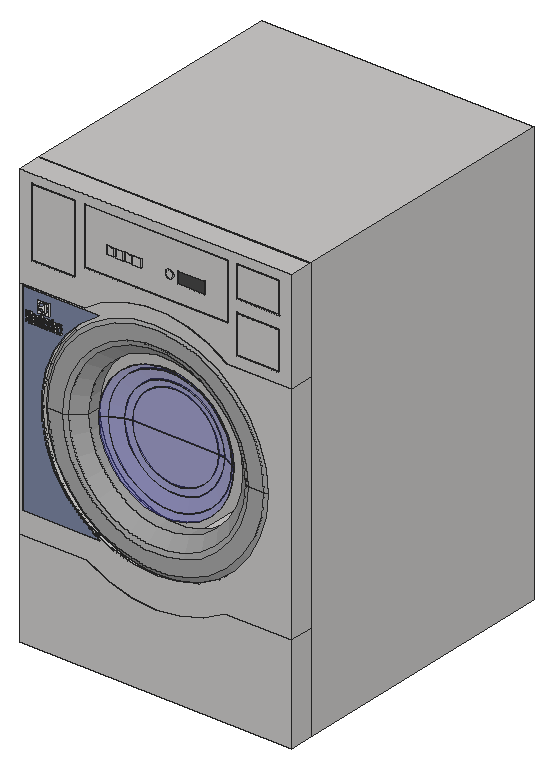
Revit family "QF_ELECTROLUXPROFESSIONAL_1LSNA4_TE1220G_G", category Attrezzature speciali, Revit 2021
Family settings
  Quota connettore circolare = Usa diametro
  Tipo di parte = Normale
  Basato su piano di lavoro = No
  Sempre verticale = Sì
  Taglio con vuoti quando caricato = No
  Condiviso = No
  Punto di calcolo locali = No
Parameters (values of type "988690056")
  Width = 686 mm
  Weight = 78
  Watts = 11000 W
  Volts = 240 V
  URL = "www.electroluxprofessional.com"
  Steam Pounds per Hour = 0
  Sensible Heat Output = "0.0"
  Prospetto di default = 0 mm
  Produttore = "Electrolux Professional"
  Phase = 1
  Modello = "TE1220G"
  Length Actual = 686 mm
  Latent Heat Output = "0.0"
  Item Number = "1L0H4K"
  Height Actual = 1098 mm
  Height = 850 mm
  Gas KW = 6
  Descrizione = "myPRO XL SMART PROFESSIONAL TUMBLE DRYER TE1220G GAS 5,7KW VENTED 208-240/60/1 1,1KW SYMBOLS SST/DARK BLUE"
  Depth Actual = 822 mm
  Depth = 822 mm
  Cycle = 60 Hz
  Corrente [instance] = "53.0"
Reference planes
  plane 1 "Center (Front/Back)": y = 0
  plane 2: z = 0
  plane 3 "Center (Left/Right)": x = 0
  plane 4 "LEFT": x = -343
  plane 5 "RIGHT": x = 343
  plane 6 "BACK": y = 411
  plane 7 "FRONT": y = -411
  plane 8 "voidPanel": through (0, -279.09, 846.678) normal (0, -0.9308, 0.3656)
  plane 9 "TOP": z = 1098
  plane 10: y = -966
  plane 11 "GasX": x = 260.5
  plane 12 "GASz": z = 52.3
Forms (mm)
  Extrusion 1, solid, material "QF_Finishes_Stainless Steel"
    sketch origin (0, 0, 0) x (1, 0, 0) y (0, 1, 0)
      loop
        line (-343, 354) -> (-343, -351.316) -> (343, -351.316) -> (343, 354) -> (-343, 354)
    from 25 to 1098
  Extrusion 2, void
    sketch origin (0, -411, 110) x (0, 0, 1) y (-1, 0, 0)
      loop
        circle (470, 0) r 242.757
    from 0 to -726.106
  Revolve 3, solid, material "QF_Finishes_Gray"
    sketch origin (0, 0, 580) x (-1, 0, 0) y (0, -1, 0)
      loop
        line (300.448, 346.297) -> (300.448, 393.936) -> (272.916, 411) -> (235.246, 411) -> (223.534, 406.93) -> (195.25, 378.646) -> (195.25, 346.297) -> (300.448, 346.297)
      axis (0, 346.297) -> (0, 411)
    angle from 0 to 360
  Revolve 4, solid, material "Glass"
    sketch origin (0, 0, 580) x (-1, 0, 0) y (0, -1, 0)
      loop
        line (156.034, 365.621) -> (125.785, 351.316)
        arc (125.785, 351.316) -> (117.42, 348.976) -> (108.77, 348.187) r 47.824
        line (108.77, 348.187) -> (0, 348.187) -> (0, 346.187) -> (108.77, 346.187)
        arc (108.77, 346.187) -> (117.82, 347.016) -> (126.57, 349.475) r 49.824
        line (126.57, 349.475) -> (156.889, 363.813)
        arc (156.889, 363.813) -> (164.396, 368.582) -> (170.5, 375.051) r 35.892
        line (170.5, 375.051) -> (170.5, 378.646)
        arc (170.5, 378.646) -> (164.222, 371.072) -> (156.034, 365.621) r 33.892
      axis (0, 346.187) -> (0, 378.646)
    angle from 0 to 360
  Extrusion 5, void
    sketch origin (0, 0, 470) x (-1, 0, 0) y (0, -1, 0)
      loop
        line (333, -329) -> (333, 336.297) -> (-333, 336.297) -> (-333, -329) -> (333, -329)
    from -434.1 to 430
  Extrusion 6, solid, material "QF_Finishes_Rubber Black"
    sketch origin (25, 0, 0) x (1, 0, 0) y (0, 1, 0)
      loop
        circle (-308, 313.6) r 20
    from 0 to 10
  Extrusion 7, solid, material "QF_Finishes_Stainless Steel"
    sketch origin (25, 0, 0) x (1, 0, 0) y (0, 1, 0)
      loop
        circle (-308, 313.6) r 11
    from 10 to 25
  Extrusion 8, solid, material "QF_Finishes_Rubber Black"
    sketch origin (25, 0, 0) x (1, 0, 0) y (0, 1, 0)
      loop
        circle (-308, -309.8) r 20
    from 0 to 10
  Extrusion 9, solid, material "QF_Finishes_Stainless Steel"
    sketch origin (25, 0, 0) x (1, 0, 0) y (0, 1, 0)
      loop
        circle (-308, -309.8) r 11
    from 10 to 25
  Revolve 10, solid, material "QF_Door-Drawer Clearances", detail levels coarse
    sketch origin (0, -392.108, 110) x (-1, 0, 0) y (0, 0, 1)
      loop
        circle (-1.368, 470) r 285
      axis (287.524, 470) -> (287.524, 469)
    angle from 0 to 90
  Extrusion 11, solid, material "QF_Finishes_Rubber Black"
    sketch origin (-25, 0, 0) x (-1, 0, 0) y (0, -1, 0)
      loop
        circle (-308, -313.6) r 20
    from 0 to 10
  Extrusion 12, solid, material "QF_Finishes_Stainless Steel"
    sketch origin (-25, 0, 0) x (-1, 0, 0) y (0, -1, 0)
      loop
        circle (-308, -313.6) r 11
    from 10 to 25
  Extrusion 13, solid, material "QF_Finishes_Rubber Black"
    sketch origin (-25, 0, 0) x (-1, 0, 0) y (0, -1, 0)
      loop
        circle (-308, 309.8) r 20
    from 0 to 10
  Extrusion 14, solid, material "QF_Finishes_Stainless Steel"
    sketch origin (-25, 0, 0) x (-1, 0, 0) y (0, -1, 0)
      loop
        circle (-308, 309.8) r 11
    from 10 to 25
  Extrusion 15, solid, material "QF_Finishes_Stainless Steel"
    sketch origin (0, -411, 0) x (0, 0, 1) y (-1, 0, 0)
      loop
        line (25, 343) -> (25, -343) -> (270, -343) -> (270, -175)
        arc (270, -175) -> (219.436, 0) -> (270, 175) r 328.118
        line (270, 175) -> (270, 343) -> (25, 343)
    from 0 to -60
  Extrusion 16, solid, material "QF_Finishes_Stainless Steel"
    sketch origin (0, -411, 0) x (0, 0, 1) y (-1, 0, 0)
      loop
        line (840, -343) -> (1098, -343) -> (1098, 343) -> (840, 343) -> (840, 180)
        arc (840, 180) -> (900, 0) -> (840, -180) r 300
        line (840, -180) -> (840, -343)
    from 0 to -60
  Extrusion 17, solid, material "QF_Finishes_Stainless Steel"
    sketch origin (0, -411, 0) x (0, 0, 1) y (-1, 0, 0)
      loop
        line (840, 343) -> (270, 343) -> (270, 175)
        arc (270, 175) -> (219.436, 0) -> (270, -175) r 328.118
        line (270, -175) -> (270, -343) -> (840, -343) -> (840, -180)
        arc (840, -180) -> (900, 0) -> (840, 180) r 300
        line (840, 180) -> (840, 343)
      loop
        circle (580, 0) r 285
    from 0 to -60
  Extrusion 18, void
    sketch origin (0, -411, 0) x (0, 0, 1) y (-1, 0, 0)
      loop
        line (1076.011, 312.853) -> (900, 312.853) -> (900, 202.056) -> (1076.011, 202.056) -> (1076.011, 312.853)
      loop
        line (1076.011, 180.558) -> (931.011, 180.558) -> (931.011, -184.442) -> (1076.011, -184.442) -> (1076.011, 180.558)
      loop
        line (966.011, -204.442) -> (866.011, -204.442) -> (866.011, -314.442) -> (966.011, -314.442) -> (966.011, -204.442)
      loop
        line (996.011, -204.442) -> (996.011, -314.442) -> (1076.011, -314.442) -> (1076.011, -204.442) -> (996.011, -204.442)
    from 0 to -13.46
  Extrusion 19, solid, material "QF_Finishes_Stainless Steel"
    sketch origin (0, -411, 0) x (0, 0, 1) y (-1, 0, 0)
      loop
        line (1073.011, 205.056) -> (1073.011, 309.853) -> (903, 309.853) -> (903, 205.056) -> (1073.011, 205.056)
      loop
        line (934.011, 177.558) -> (934.011, -181.442) -> (1073.011, -181.442) -> (1073.011, 177.558) -> (934.011, 177.558)
      loop
        line (1073.011, -311.442) -> (1073.011, -207.442) -> (999.011, -207.442) -> (999.011, -311.442) -> (1073.011, -311.442)
      loop
        line (963.011, -311.442) -> (963.011, -207.442) -> (869.011, -207.442) -> (869.011, -311.442) -> (963.011, -311.442)
      loop
        line (982.148, 123.504) -> (982.148, 103.504) -> (1002.148, 103.504) -> (1002.148, 123.504) -> (982.148, 123.504)
      loop
        line (1002.148, 100.812) -> (982.148, 100.812) -> (982.148, 80.808) -> (1002.148, 80.808) -> (1002.148, 100.812)
      loop
        line (1002.148, 78.12) -> (982.148, 78.12) -> (982.148, 58.116) -> (1002.148, 58.116) -> (1002.148, 78.12)
      loop
        line (1002.148, 55.428) -> (982.148, 55.428) -> (982.148, 35.424) -> (1002.148, 35.424) -> (1002.148, 55.428)
      loop
        circle (992.148, -34.859) r 10
      loop
        line (977.148, -124.859) -> (1007.148, -124.859) -> (1007.148, -54.859) -> (977.148, -54.859) -> (977.148, -124.859)
    from 0.5 to -13.46
  Extrusion 20, solid, material "QF_Finishes_Stainless Steel"
    sketch origin (0, -411, 0) x (0, 0, 1) y (-1, 0, 0)
      loop
        line (1002.148, 123.504) -> (982.148, 123.504) -> (982.148, 103.504) -> (1002.148, 103.504) -> (1002.148, 123.504)
      loop
        line (1002.148, 100.812) -> (982.148, 100.812) -> (982.148, 80.808) -> (1002.148, 80.808) -> (1002.148, 100.812)
      loop
        line (1002.148, 78.12) -> (982.148, 78.12) -> (982.148, 58.116) -> (1002.148, 58.116) -> (1002.148, 78.12)
      loop
        line (1002.148, 55.428) -> (982.148, 55.428) -> (982.148, 35.424) -> (1002.148, 35.424) -> (1002.148, 55.428)
    from 2 to -13.46
  Extrusion 21, solid, material "QF_Finishes_Stainless Steel"
    sketch origin (0, -411, 0) x (0, 0, 1) y (-1, 0, 0)
      loop
        circle (992.148, -34.859) r 10
    from 1 to -13.46
  Extrusion 22, solid, material "QF_Finishes_Black"
    sketch origin (0, -411, 0) x (0, 0, 1) y (-1, 0, 0)
      loop
        line (1007.148, -54.859) -> (977.148, -54.859) -> (977.148, -124.859) -> (1007.148, -124.859) -> (1007.148, -54.859)
    from 0 to -13.46
  Extrusion 23, solid, material "QF_Finishes_Stainless Steel"
    sketch origin (2.1, 411, -6.2) x (0, 0, 1) y (-1, 0, 0)
      loop
        circle (91, -25) r 51
    from 50.43 to 57
  Blend 24, solid, material "QF_Finishes_Stainless Steel"
    base sketch origin (0, 411, 0) x (0, 0, 1) y (-1, 0, 0)
      loop
        line (112.093, -134.606) -> (112.093, -219.975)
        arc (112.093, -219.975) -> (136.989, -280.08) -> (197.093, -304.975) r 85
        line (197.093, -304.975) -> (735.296, -304.975) -> (764.372, -304.975) -> (800, -304.975)
        arc (800, -304.975) -> (860.104, -280.08) -> (885, -219.975) r 85
        line (885, -219.975) -> (885, 223.558)
        arc (885, 223.558) -> (860.104, 283.663) -> (800, 308.558) r 85
        line (800, 308.558) -> (764.372, 308.558) -> (736.45, 308.558) -> (330, 308.558)
        arc (330, 308.558) -> (287.574, 290.985) -> (270, 248.558) r 60
        line (270, 248.558) -> (270, 113.511)
        arc (270, 113.511) -> (265.698, 88.475) -> (253.286, 66.312) r 75
        line (253.286, 66.312) -> (128.807, -87.407)
        arc (128.807, -87.407) -> (116.395, -109.571) -> (112.093, -134.606) r 75
    top sketch origin (0, 411, 0) x (0, 0, 1) y (-1, 0, 0)
      loop
        line (736.45, 258.558) -> (330, 258.558)
        arc (330, 258.558) -> (322.929, 255.63) -> (320, 248.558) r 10
        line (320, 248.558) -> (320, 95.805)
        arc (320, 95.805) -> (315.698, 70.769) -> (303.286, 48.606) r 75
        line (303.286, 48.606) -> (178.807, -105.113)
        arc (178.807, -105.113) -> (166.395, -127.277) -> (162.093, -152.312) r 75
        line (162.093, -152.312) -> (162.093, -219.975)
        arc (162.093, -219.975) -> (172.344, -244.724) -> (197.093, -254.975) r 35
        line (197.093, -254.975) -> (735.296, -254.975)
        arc (735.296, -254.975) -> (745.955, -271.27) -> (764.372, -277.589) r 30
        line (764.372, -277.589) -> (819.372, -277.589)
        arc (819.372, -277.589) -> (840.585, -268.802) -> (849.372, -247.589) r 30
        line (849.372, -247.589) -> (849.372, 247.589)
        arc (849.372, 247.589) -> (840.585, 268.802) -> (819.372, 277.589) r 30
        line (819.372, 277.589) -> (764.372, 277.589)
        arc (764.372, 277.589) -> (747.477, 272.379) -> (736.45, 258.558) r 30
    from 57 to 0
  Extrusion 25, void
    sketch origin (0, 411, 0) x (0, 0, 1) y (-1, 0, 0)
      loop
        line (839.372, -242.589) -> (839.372, 246.505)
        arc (839.372, 246.505) -> (833.514, 260.647) -> (819.372, 266.505) r 20
        line (819.372, 266.505) -> (760.142, 266.505)
        arc (760.142, 266.505) -> (746, 260.647) -> (740.142, 246.505) r 20
        line (740.142, 246.505) -> (740.142, -248.744)
        arc (740.142, -248.744) -> (749.024, -262.323) -> (764.372, -267.589) r 25
        line (764.372, -267.589) -> (814.372, -267.589)
        arc (814.372, -267.589) -> (832.05, -260.266) -> (839.372, -242.589) r 25
    from 0 to 8.2
  Extrusion 26, solid, material "QF_Finishes_Stainless Steel"
    sketch origin (0, 411, 0) x (0, 0, 1) y (-1, 0, 0)
      loop
        circle (810, 209.295) r 5
    from 0 to 8.186
  Extrusion 27, solid, material "QF_Finishes_White"
    sketch origin (-20, -411, 75) x (0, 0, 1) y (-1, 0, 0)
      loop
        spline (696.669, 303.458) -> (696.678, 303.666) -> (696.706, 303.887) -> (696.758, 304.116) -> (696.837, 304.347) -> (696.945, 304.574) -> (697.088, 304.79) -> (697.268, 304.989) -> (697.488, 305.166) -> (697.753, 305.314) -> (698.065, 305.428) -> (698.428, 305.5) -> (698.845, 305.526)
        line (698.845, 305.526) -> (700.697, 305.526) -> (700.697, 299.411) -> (703.059, 299.411) -> (703.059, 305.527) -> (706.497, 305.527) -> (706.497, 299.022) -> (708.852, 299.022) -> (708.852, 308.029) -> (698.952, 308.029)
        spline (698.952, 308.029) -> (698.343, 308.007) -> (697.77, 307.939) -> (697.233, 307.824) -> (696.734, 307.66) -> (696.277, 307.447) -> (695.863, 307.184) -> (695.493, 306.868) -> (695.17, 306.498) -> (694.896, 306.074) -> (694.673, 305.594) -> (694.502, 305.057) -> (694.386, 304.461)
        line (694.386, 304.461) -> (694.316, 303.478) -> (694.316, 298.848) -> (696.669, 298.848) -> (696.669, 303.458)
      loop
        line (701.983, 297.069) -> (694.312, 297.069) -> (694.312, 294.566) -> (708.856, 294.566) -> (708.856, 297.069) -> (701.983, 297.069)
      loop
        spline (699.838, 282.168) -> (700.563, 282.21) -> (701.258, 282.336) -> (701.916, 282.541) -> (702.532, 282.822) -> (703.097, 283.176) -> (703.608, 283.598) -> (704.057, 284.086) -> (704.438, 284.636) -> (704.745, 285.245) -> (704.972, 285.908) -> (705.113, 286.623) -> (705.162, 287.387)
        spline (705.162, 287.387) -> (705.116, 288.166) -> (704.983, 288.907) -> (704.765, 289.603) -> (704.465, 290.249) -> (704.088, 290.84) -> (703.636, 291.37) -> (703.112, 291.834) -> (702.521, 292.225) -> (701.865, 292.539) -> (701.148, 292.77) -> (700.373, 292.913) -> (699.544, 292.962)
        spline (699.544, 292.962) -> (698.735, 292.915) -> (697.979, 292.776) -> (697.278, 292.55) -> (696.637, 292.242) -> (696.059, 291.855) -> (695.547, 291.394) -> (695.105, 290.864) -> (694.735, 290.268) -> (694.442, 289.612) -> (694.228, 288.9) -> (694.097, 288.135) -> (694.053, 287.323)
        spline (694.053, 287.323) -> (694.063, 286.928) -> (694.092, 286.536) -> (694.144, 286.149) -> (694.221, 285.766) -> (694.323, 285.389) -> (694.454, 285.016) -> (694.615, 284.647) -> (694.808, 284.284) -> (695.035, 283.925) -> (695.297, 283.572) -> (695.598, 283.224) -> (695.939, 282.88)
        line (695.939, 282.88) -> (697.407, 284.389)
        spline (697.407, 284.389) -> (697.215, 284.588) -> (697.04, 284.788) -> (696.881, 284.991) -> (696.738, 285.198) -> (696.611, 285.412) -> (696.5, 285.634) -> (696.406, 285.866) -> (696.329, 286.109) -> (696.269, 286.367) -> (696.226, 286.64) -> (696.2, 286.93) -> (696.191, 287.24)
        spline (696.191, 287.24) -> (696.213, 287.693) -> (696.279, 288.118) -> (696.388, 288.513) -> (696.536, 288.876) -> (696.722, 289.206) -> (696.946, 289.501) -> (697.204, 289.758) -> (697.495, 289.977) -> (697.818, 290.155) -> (698.171, 290.29) -> (698.551, 290.381) -> (698.958, 290.425)
        line (698.958, 290.425) -> (698.958, 282.21) -> (699.838, 282.168)
      loop
        spline (700.718, 284.725) -> (701.028, 284.749) -> (701.326, 284.82) -> (701.609, 284.934) -> (701.875, 285.089) -> (702.12, 285.28) -> (702.342, 285.505) -> (702.538, 285.761) -> (702.705, 286.044) -> (702.84, 286.352) -> (702.94, 286.68) -> (703.002, 287.026) -> (703.024, 287.387)
        spline (703.024, 287.387) -> (703.003, 287.773) -> (702.942, 288.145) -> (702.843, 288.5) -> (702.71, 288.833) -> (702.545, 289.143) -> (702.35, 289.425) -> (702.129, 289.676) -> (701.884, 289.894) -> (701.618, 290.074) -> (701.333, 290.215) -> (701.032, 290.312) -> (700.718, 290.363)
        line (700.718, 290.363) -> (700.718, 284.725)
      loop
        spline (699.607, 278.381) -> (700.073, 278.352) -> (700.515, 278.268) -> (700.929, 278.133) -> (701.313, 277.949) -> (701.664, 277.719) -> (701.978, 277.448) -> (702.253, 277.139) -> (702.484, 276.794) -> (702.67, 276.418) -> (702.806, 276.013) -> (702.89, 275.584) -> (702.919, 275.132)
        spline (702.919, 275.132) -> (702.91, 274.855) -> (702.884, 274.59) -> (702.842, 274.336) -> (702.783, 274.092) -> (702.708, 273.858) -> (702.618, 273.634) -> (702.512, 273.418) -> (702.391, 273.21) -> (702.256, 273.01) -> (702.106, 272.817) -> (701.943, 272.63) -> (701.766, 272.45)
        line (701.766, 272.45) -> (703.38, 270.898)
        spline (703.38, 270.898) -> (703.689, 271.207) -> (703.966, 271.525) -> (704.213, 271.852) -> (704.43, 272.187) -> (704.619, 272.531) -> (704.779, 272.882) -> (704.912, 273.24) -> (705.02, 273.606) -> (705.101, 273.978) -> (705.159, 274.357) -> (705.192, 274.742) -> (705.203, 275.132)
        spline (705.203, 275.132) -> (705.155, 275.914) -> (705.013, 276.664) -> (704.783, 277.374) -> (704.47, 278.037) -> (704.079, 278.647) -> (703.616, 279.198) -> (703.085, 279.683) -> (702.493, 280.094) -> (701.843, 280.426) -> (701.143, 280.671) -> (700.396, 280.823) -> (699.607, 280.875)
        spline (699.607, 280.875) -> (698.819, 280.823) -> (698.072, 280.671) -> (697.371, 280.426) -> (696.722, 280.094) -> (696.129, 279.683) -> (695.599, 279.198) -> (695.135, 278.647) -> (694.745, 278.037) -> (694.432, 277.374) -> (694.201, 276.664) -> (694.06, 275.914) -> (694.011, 275.132)
        spline (694.011, 275.132) -> (694.022, 274.742) -> (694.056, 274.357) -> (694.113, 273.978) -> (694.195, 273.606) -> (694.302, 273.24) -> (694.436, 272.882) -> (694.596, 272.531) -> (694.784, 272.187) -> (695.002, 271.852) -> (695.248, 271.525) -> (695.526, 271.207) -> (695.835, 270.898)
        line (695.835, 270.898) -> (697.449, 272.45)
        spline (697.449, 272.45) -> (697.272, 272.63) -> (697.108, 272.817) -> (696.959, 273.01) -> (696.824, 273.21) -> (696.703, 273.418) -> (696.597, 273.634) -> (696.507, 273.858) -> (696.432, 274.092) -> (696.373, 274.336) -> (696.33, 274.59) -> (696.304, 274.855) -> (696.296, 275.132)
        spline (696.296, 275.132) -> (696.325, 275.584) -> (696.409, 276.013) -> (696.545, 276.418) -> (696.731, 276.794) -> (696.962, 277.139) -> (697.236, 277.448) -> (697.55, 277.719) -> (697.901, 277.949) -> (698.285, 278.133) -> (698.7, 278.268) -> (699.142, 278.352) -> (699.607, 278.381)
      loop
        spline (696.665, 264.515) -> (696.662, 264.736) -> (696.678, 264.972) -> (696.719, 265.218) -> (696.789, 265.468) -> (696.89, 265.715) -> (697.028, 265.952) -> (697.206, 266.175) -> (697.429, 266.376) -> (697.7, 266.549) -> (698.024, 266.688) -> (698.404, 266.787) -> (698.845, 266.839)
        line (698.845, 266.839) -> (702.555, 266.839) -> (702.555, 264.562) -> (704.829, 264.562) -> (704.829, 266.836) -> (708.856, 266.836) -> (708.856, 269.34) -> (698.703, 269.34)
        spline (698.703, 269.34) -> (698.114, 269.286) -> (697.56, 269.189) -> (697.042, 269.048) -> (696.564, 268.861) -> (696.127, 268.627) -> (695.732, 268.345) -> (695.381, 268.014) -> (695.077, 267.632) -> (694.821, 267.2) -> (694.615, 266.714) -> (694.461, 266.175) -> (694.36, 265.581)
        line (694.36, 265.581) -> (694.312, 264.524) -> (696.665, 264.515)
      loop
        spline (704.975, 256.091) -> (705.002, 256.524) -> (704.994, 256.941) -> (704.953, 257.341) -> (704.88, 257.722) -> (704.776, 258.084) -> (704.641, 258.425) -> (704.478, 258.744) -> (704.286, 259.04) -> (704.068, 259.312) -> (703.825, 259.559) -> (703.557, 259.779) -> (703.265, 259.972)
        line (703.265, 259.972) -> (704.829, 259.972) -> (704.829, 262.455) -> (694.313, 262.455) -> (694.313, 259.972) -> (699.842, 259.972)
        spline (699.842, 259.972) -> (700.261, 259.949) -> (700.652, 259.882) -> (701.013, 259.772) -> (701.342, 259.621) -> (701.638, 259.431) -> (701.9, 259.202) -> (702.126, 258.938) -> (702.314, 258.64) -> (702.462, 258.308) -> (702.571, 257.946) -> (702.637, 257.554) -> (702.659, 257.134)
        line (702.659, 257.134) -> (702.555, 256.091) -> (704.975, 256.091)
      loop
        spline (699.57, 244.231) -> (700.342, 244.283) -> (701.077, 244.436) -> (701.77, 244.682) -> (702.415, 245.014) -> (703.007, 245.426) -> (703.538, 245.911) -> (704.003, 246.462) -> (704.398, 247.072) -> (704.714, 247.735) -> (704.948, 248.443) -> (705.092, 249.19) -> (705.142, 249.969)
        spline (705.142, 249.969) -> (705.092, 250.752) -> (704.948, 251.503) -> (704.714, 252.213) -> (704.398, 252.876) -> (704.003, 253.486) -> (703.538, 254.036) -> (703.007, 254.519) -> (702.415, 254.929) -> (701.77, 255.26) -> (701.077, 255.504) -> (700.342, 255.656) -> (699.57, 255.708)
        spline (699.57, 255.708) -> (698.799, 255.656) -> (698.064, 255.504) -> (697.371, 255.26) -> (696.726, 254.929) -> (696.135, 254.519) -> (695.604, 254.036) -> (695.138, 253.486) -> (694.744, 252.876) -> (694.427, 252.213) -> (694.193, 251.503) -> (694.049, 250.752) -> (693.999, 249.969)
        spline (693.999, 249.969) -> (694.049, 249.19) -> (694.193, 248.443) -> (694.427, 247.735) -> (694.744, 247.072) -> (695.138, 246.462) -> (695.604, 245.911) -> (696.135, 245.426) -> (696.726, 245.014) -> (697.371, 244.682) -> (698.064, 244.436) -> (698.799, 244.283) -> (699.57, 244.231)
      loop
        spline (699.57, 246.714) -> (700.026, 246.743) -> (700.46, 246.828) -> (700.869, 246.965) -> (701.251, 247.15) -> (701.601, 247.381) -> (701.916, 247.653) -> (702.192, 247.964) -> (702.426, 248.309) -> (702.614, 248.686) -> (702.752, 249.09) -> (702.838, 249.519) -> (702.868, 249.969)
        spline (702.868, 249.969) -> (702.838, 250.423) -> (702.752, 250.855) -> (702.614, 251.261) -> (702.426, 251.638) -> (702.192, 251.983) -> (701.916, 252.293) -> (701.601, 252.563) -> (701.251, 252.792) -> (700.869, 252.976) -> (700.46, 253.111) -> (700.026, 253.195) -> (699.57, 253.223)
        spline (699.57, 253.223) -> (699.116, 253.195) -> (698.682, 253.111) -> (698.272, 252.976) -> (697.89, 252.792) -> (697.54, 252.563) -> (697.226, 252.293) -> (696.95, 251.983) -> (696.716, 251.638) -> (696.528, 251.261) -> (696.389, 250.855) -> (696.303, 250.423) -> (696.273, 249.969)
        spline (696.273, 249.969) -> (696.303, 249.519) -> (696.389, 249.09) -> (696.528, 248.686) -> (696.716, 248.309) -> (696.95, 247.964) -> (697.226, 247.653) -> (697.54, 247.381) -> (697.89, 247.15) -> (698.272, 246.965) -> (698.682, 246.828) -> (699.116, 246.743) -> (699.57, 246.714)
      loop
        line (702.234, 242.691) -> (694.312, 242.691) -> (694.312, 240.186) -> (708.856, 240.186) -> (708.856, 242.691) -> (702.234, 242.691)
      loop
        line (704.829, 231.156) -> (698.716, 231.156)
        spline (698.716, 231.156) -> (698.318, 231.176) -> (697.96, 231.235) -> (697.64, 231.33) -> (697.357, 231.459) -> (697.111, 231.62) -> (696.9, 231.811) -> (696.724, 232.029) -> (696.582, 232.272) -> (696.473, 232.538) -> (696.397, 232.825) -> (696.351, 233.13) -> (696.336, 233.452)
        spline (696.336, 233.452) -> (696.351, 233.773) -> (696.397, 234.078) -> (696.473, 234.365) -> (696.581, 234.631) -> (696.723, 234.874) -> (696.897, 235.092) -> (697.106, 235.283) -> (697.351, 235.444) -> (697.631, 235.573) -> (697.947, 235.668) -> (698.301, 235.726) -> (698.694, 235.747)
        line (698.694, 235.747) -> (704.829, 235.747) -> (704.829, 238.272) -> (698.485, 238.272)
        spline (698.485, 238.272) -> (697.767, 238.227) -> (697.113, 238.097) -> (696.523, 237.888) -> (695.998, 237.607) -> (695.535, 237.259) -> (695.136, 236.85) -> (694.8, 236.387) -> (694.525, 235.876) -> (694.313, 235.323) -> (694.161, 234.733) -> (694.071, 234.115) -> (694.041, 233.472)
        spline (694.041, 233.472) -> (694.071, 232.825) -> (694.163, 232.201) -> (694.317, 231.607) -> (694.532, 231.049) -> (694.811, 230.533) -> (695.152, 230.066) -> (695.557, 229.654) -> (696.025, 229.303) -> (696.558, 229.019) -> (697.156, 228.808) -> (697.819, 228.677) -> (698.548, 228.632)
        line (698.548, 228.632) -> (704.829, 228.632) -> (704.829, 231.156)
      loop
        line (697.676, 219.158) -> (699.883, 220.737) -> (702.547, 218.782) -> (704.829, 217.107) -> (704.829, 219.84) -> (701.678, 222.115) -> (704.829, 224.41) -> (704.829, 227.123) -> (702.701, 225.567) -> (699.863, 223.492) -> (696.834, 225.667) -> (694.312, 227.477) -> (694.312, 224.786) -> (698.027, 222.115) -> (694.312, 219.444) -> (694.312, 216.752) -> (697.676, 219.158)
      loop
        line (688.447, 306.621) -> (688.447, 308.558) -> (683.42, 308.558) -> (683.42, 307.525) -> (685.123, 307.525) -> (685.123, 306.621)
        arc (685.123, 306.621) -> (686.785, 304.959) -> (688.447, 306.621) r 1.662
      loop
        line (687.497, 306.663) -> (687.497, 307.525) -> (686.073, 307.525) -> (686.073, 306.663)
        arc (686.073, 306.663) -> (686.785, 305.951) -> (687.497, 306.663) r 0.712
      loop
        line (688.447, 298.733) -> (688.447, 300.705) -> (683.42, 300.705) -> (683.42, 299.671) -> (684.882, 299.671) -> (685.151, 298.932) -> (683.42, 297.891) -> (683.42, 296.718) -> (685.405, 297.925)
        arc (685.405, 297.925) -> (685.993, 297.294) -> (686.826, 297.074) r 1.552
        arc (686.826, 297.074) -> (687.975, 297.573) -> (688.447, 298.733) r 1.659
      loop
        arc (686.094, 298.824) -> (686.762, 298.121) -> (687.497, 298.754) r 0.703
        line (687.497, 298.754) -> (687.497, 299.671) -> (686.094, 299.671) -> (686.094, 298.824)
      loop
        circle (685.933, 290.3) r 2.611
      loop
        circle (685.933, 290.3) r 1.657
      loop
        line (688.447, 283.364) -> (683.42, 283.364) -> (683.42, 282.331) -> (685.486, 282.331) -> (685.486, 280.439) -> (686.436, 280.439) -> (686.436, 282.331) -> (687.497, 282.331) -> (687.497, 280.257) -> (688.447, 280.257) -> (688.447, 283.364)
      loop
        line (688.447, 275.992) -> (685.05, 275.992)
        arc (685.05, 275.992) -> (683.898, 275.529) -> (683.42, 274.383) r 1.609
        line (683.42, 274.383) -> (683.42, 272.76) -> (684.37, 272.76) -> (684.37, 274.225) -> (684.759, 274.959) -> (685.606, 274.959) -> (685.606, 272.948) -> (686.506, 272.948) -> (686.506, 274.959) -> (687.497, 274.959) -> (687.497, 272.809) -> (688.447, 272.809) -> (688.447, 275.992)
      loop
        line (687.128, 265.998) -> (687.638, 265.255)
        arc (687.638, 265.255) -> (688.309, 265.943) -> (688.531, 266.879) r 1.8
        arc (688.531, 266.879) -> (688.406, 267.502) -> (688.091, 268.053) r 1.995
        arc (688.091, 268.053) -> (687.777, 268.314) -> (687.386, 268.431) r 1.023
        arc (687.386, 268.431) -> (686.928, 268.42) -> (686.485, 268.305) r 2.005
        arc (686.485, 268.305) -> (686.001, 267.857) -> (685.694, 267.273) r 1.948
        arc (685.694, 267.273) -> (685.475, 266.734) -> (685.196, 266.223) r 5.092
        arc (685.196, 266.223) -> (684.861, 266.023) -> (684.505, 266.181) r 0.425
        arc (684.505, 266.181) -> (684.282, 266.728) -> (684.398, 267.306) r 1.026
        arc (684.398, 267.306) -> (684.643, 267.732) -> (685.054, 267.998) r 1.044
        line (685.054, 267.998) -> (684.559, 268.788)
        arc (684.559, 268.788) -> (684.042, 268.475) -> (683.647, 268.018) r 1.934
        arc (683.647, 268.018) -> (683.399, 267.438) -> (683.336, 266.811) r 2.085
        arc (683.336, 266.811) -> (683.491, 266.036) -> (683.861, 265.338) r 2.723
        arc (683.861, 265.338) -> (684.682, 265.03) -> (685.543, 265.189) r 1.635
        arc (685.543, 265.189) -> (685.94, 265.533) -> (686.227, 265.973) r 1.896
        arc (686.227, 265.973) -> (686.475, 266.529) -> (686.689, 267.099) r 9.984
        arc (686.689, 267.099) -> (687.202, 267.429) -> (687.582, 266.952) r 0.455
        arc (687.582, 266.952) -> (687.465, 266.423) -> (687.128, 265.998) r 1.209
      loop
        line (687.128, 258.403) -> (687.638, 257.66)
        arc (687.638, 257.66) -> (688.309, 258.348) -> (688.531, 259.284) r 1.8
        arc (688.531, 259.284) -> (688.406, 259.907) -> (688.091, 260.458) r 1.995
        arc (688.091, 260.458) -> (687.777, 260.719) -> (687.386, 260.836) r 1.023
        arc (687.386, 260.836) -> (686.928, 260.825) -> (686.485, 260.71) r 2.005
        arc (686.485, 260.71) -> (686.001, 260.262) -> (685.694, 259.678) r 1.948
        arc (685.694, 259.678) -> (685.475, 259.139) -> (685.196, 258.628) r 5.092
        arc (685.196, 258.628) -> (684.861, 258.428) -> (684.505, 258.586) r 0.425
        arc (684.505, 258.586) -> (684.282, 259.133) -> (684.398, 259.711) r 1.026
        arc (684.398, 259.711) -> (684.643, 260.136) -> (685.054, 260.403) r 1.044
        line (685.054, 260.403) -> (684.559, 261.193)
        arc (684.559, 261.193) -> (684.042, 260.88) -> (683.647, 260.422) r 1.934
        arc (683.647, 260.422) -> (683.399, 259.843) -> (683.336, 259.216) r 2.085
        arc (683.336, 259.216) -> (683.491, 258.441) -> (683.861, 257.743) r 2.723
        arc (683.861, 257.743) -> (684.682, 257.434) -> (685.543, 257.594) r 1.635
        arc (685.543, 257.594) -> (685.94, 257.938) -> (686.227, 258.377) r 1.896
        arc (686.227, 258.377) -> (686.475, 258.934) -> (686.689, 259.504) r 9.984
        arc (686.689, 259.504) -> (687.202, 259.834) -> (687.582, 259.357) r 0.455
        arc (687.582, 259.357) -> (687.465, 258.828) -> (687.128, 258.403) r 1.209
      loop
        line (688.447, 253.158) -> (683.42, 253.158) -> (683.42, 252.124) -> (688.447, 252.124) -> (688.447, 253.158)
      loop
        circle (685.933, 245.154) r 1.564
      loop
        circle (685.933, 245.154) r 2.611
      loop
        line (683.42, 238.219) -> (683.42, 237.174) -> (686.581, 237.174) -> (683.42, 234.874) -> (683.42, 233.869) -> (688.447, 233.869) -> (688.447, 234.914) -> (685.19, 234.914) -> (688.447, 237.213) -> (688.447, 238.219) -> (683.42, 238.219)
      loop
        line (683.42, 228.657) -> (684.504, 228.167) -> (684.504, 226.308) -> (683.42, 225.818) -> (683.42, 224.707) -> (688.447, 227.237) -> (683.42, 229.767) -> (683.42, 228.657)
      loop
        line (686.567, 227.237) -> (685.536, 227.703) -> (685.536, 226.772) -> (686.567, 227.237)
      loop
        line (684.37, 219.572) -> (688.447, 219.572) -> (688.447, 220.606) -> (683.42, 220.606) -> (683.42, 217.639) -> (684.37, 217.639) -> (684.37, 219.572)
      loop
        arc (715.169, 259.508) -> (727.748, 250.208) -> (740.328, 259.508) r 13.158
        line (740.328, 259.508) -> (715.169, 259.508)
      loop
        line (715.169, 260.788) -> (716.991, 260.788)
        arc (716.991, 260.788) -> (724.001, 264.694) -> (727.019, 272.13) r 12.086
        line (727.019, 272.13) -> (727.019, 276.292)
        arc (727.019, 276.292) -> (717.547, 271.251) -> (715.169, 260.788) r 12.895
      loop
        line (738.506, 260.788) -> (740.651, 260.788)
        arc (740.651, 260.788) -> (738.028, 271.26) -> (728.478, 276.292) r 13.232
        line (728.478, 276.292) -> (728.478, 272.13)
        arc (728.478, 272.13) -> (731.496, 264.694) -> (738.506, 260.788) r 12.086
      loop
        line (713.796, 277.247) -> (713.796, 249.247) -> (741.758, 249.247) -> (741.758, 277.247) -> (713.796, 277.247)
    from 0 to 2
  Extrusion 28, void
    sketch origin (0, -411, 0) x (0, 0, 1) y (-1, 0, 0)
      loop
        line (834, 337) -> (326, 337) -> (326, 142.004)
        arc (326, 142.004) -> (580, 291) -> (834, 142.004) r 291
        line (834, 142.004) -> (834, 337)
    from 0 to -2
  Extrusion 29, solid, material "QF_Finishes_SugarBlue"
    sketch origin (0, -411, 0) x (0, 0, 1) y (-1, 0, 0)
      loop
        line (834, 142.004) -> (834, 337) -> (326, 337) -> (326, 142.004)
        arc (326, 142.004) -> (580, 291) -> (834, 142.004) r 291
    from 0 to -2
  Extrusion 30, solid, material "QF_Finishes_Stainless Steel"
    sketch origin (0, 411, 0) x (0, 0, 1) y (-1, 0, 0)
      loop
        circle (52.3, -260.5) r 4.763
    from 57 to 53.714
Cuts and joins
  Extrusion 2, Extrusion 5 cuts Extrusion 1
  Extrusion 18 cuts Extrusion 16
  Extrusion 25 cuts Blend 24
  Extrusion 28 cuts Extrusion 17
Lines and regions (mm)
  model lines
    curve 1: line (253.366, -313.716, 0) -> (253.669, -317.455, 0)
  symbolic lines, style "SpecialityEquipmentHiddenLines"
    curve 2: line (-287.524, -966, 744.475) -> (-287.524, -411, 744.475)
    curve 4: arc (-287.524, -966, 744.475) -> (112.051, -805.22, 744.475) -> (286.678, -411.5, 744.475) r 572.871
  symbolic lines
    curve 3: line (-25, 411, 84.8) -> (75, 411, 84.8)
    curve 5: line (-343, 354, 744.475) -> (343, 354, 744.475)
    curve 6: line (-343, -351, 744.475) -> (-343, 354, 744.475)
    curve 7: line (343, -351, 744.475) -> (-343, -351, 744.475)
    curve 8: line (343, 354, 744.475) -> (343, -351, 744.475)
    curve 9: line (-343, -351, 744.475) -> (-343, -411, 744.475)
    curve 10: line (-343, -411, 744.475) -> (343, -411, 744.475)
    curve 11: line (343, -411, 744.475) -> (343, -351, 744.475)
    curve 12: line (-308.558, 354, 744.475) -> (-277.589, 411, 744.475)
    curve 13: line (-277.589, 411, 744.475) -> (277.589, 411, 744.475)
    curve 14: line (277.589, 411, 744.475) -> (304.975, 354, 744.475)
Dimensions and locks
  equal spacing: plane 5 "RIGHT", plane 3 "Center (Left/Right)", plane 4 "LEFT"
  "Width": plane 5 "RIGHT" to plane 4 "LEFT"
  equal spacing: plane 7 "FRONT", plane 1 "Center (Front/Back)", plane 6 "BACK"
  "Depth": plane 7 "FRONT" to plane 6 "BACK"
  plane 7 "FRONT" to plane 6 "BACK" = 822 mm
  plane 9 "TOP" to level = 1098 mm
  plane 7 "FRONT" to plane 1 "Center (Front/Back)" to plane 6 "BACK" = 411 mm, 411 mm
  plane 4 "LEFT" to plane 5 "RIGHT" = 686 mm
  cut or joined group of Extrusion 1, Extrusion 2, Extrusion 5 to cut or joined group of Extrusion 16, Extrusion 18 = 765 mm
  plane 7 "FRONT" to plane 10 = 555 mm
  level to curve 3 = 84.8 mm
  plane 10 to plane 7 "FRONT" = 555 mm
  plane 10 to plane 6 "BACK" = 1377 mm
  plane 5 "RIGHT" to plane 11 "GasX" = 82.5 mm
  level to plane 12 "GASz" = 52.3 mm
  plane 5 "RIGHT" to Extrusion 23 = 315.9 mm
  aligned and locked: level to plane 2
Automatic sketch dimensions
  Extrusion 1 sketch curve to plane 4 "LEFT" = 0 mm
  Extrusion 1 sketch curve to plane 5 "RIGHT" = 0 mm
  Extrusion 1 sketch curve to plane 7 "FRONT" = 59.684 mm
  plane 6 "BACK" to Extrusion 1 sketch curve = 57 mm
  Extrusion 2 sketch curve to plane 3 "Center (Left/Right)" = 0 mm
  level to Extrusion 2 sketch curve = 580 mm
  Revolve 4 sketch curve to Revolve 4 sketch curve = 0 mm  (x4)
  Revolve 4 sketch curve to plane 3 "Center (Left/Right)" = 0 mm  (x2)
  Revolve 4 sketch curve to Revolve 4 sketch curve = 108.77 mm
  Revolve 4 sketch curve to Revolve 4 sketch curve = 17.015 mm
  Revolve 4 sketch curve to plane 7 "FRONT" = 61.525 mm
  Revolve 4 sketch curve to Revolve 4 sketch curve = 0.785 mm
  Revolve 4 sketch curve to plane 7 "FRONT" = 14.74 mm
  Revolve 4 sketch curve to Revolve 4 sketch curve = 32.775 mm
  Revolve 4 sketch curve to plane 7 "FRONT" = 45.379 mm
  Revolve 4 sketch curve to Revolve 4 sketch curve = 30.249 mm
  Revolve 4 sketch curve to plane 7 "FRONT" = 47.187 mm
  Revolve 4 sketch curve to Revolve 4 sketch curve = 0.855 mm
  Revolve 4 sketch curve to Revolve 4 sketch curve = 14.466 mm
  Revolve 4 sketch curve to plane 7 "FRONT" = 62.813 mm
  Revolve 4 sketch curve to Revolve 4 sketch curve = 2 mm
  Revolve 4 sketch curve to plane 6 "BACK" = 1134.072 mm
  plane 7 "FRONT" to Revolve 4 sketch curve = 1124.917 mm
  Extrusion 5 sketch curve to plane 5 "RIGHT" = 10 mm
  plane 4 "LEFT" to Extrusion 5 sketch curve = 10 mm
  plane 6 "BACK" to Extrusion 5 sketch curve = 82 mm
  Extrusion 5 sketch curve to plane 7 "FRONT" = 74.703 mm
  plane 4 "LEFT" to Extrusion 6 sketch curve = 60 mm
  plane 6 "BACK" to Extrusion 6 sketch curve = 97.4 mm
  plane 4 "LEFT" to Extrusion 7 sketch curve = 60 mm
  plane 6 "BACK" to Extrusion 7 sketch curve = 97.4 mm
  plane 4 "LEFT" to Extrusion 8 sketch curve = 60 mm
  Extrusion 8 sketch curve to plane 7 "FRONT" = 101.2 mm
  plane 4 "LEFT" to Extrusion 9 sketch curve = 60 mm
  Extrusion 9 sketch curve to plane 7 "FRONT" = 101.2 mm
  plane 3 "Center (Left/Right)" to Revolve 10 sketch curve = 1.368 mm
  level to Revolve 10 sketch curve = 580 mm
  plane 4 "LEFT" to Revolve 10 sketch curve = 55.476 mm
  Revolve 10 sketch curve to level = 194.8 mm
  plane 9 "TOP" to Revolve 10 sketch curve = 1450.4 mm
  plane 5 "RIGHT" to Extrusion 11 sketch curve = 60 mm
  Extrusion 11 sketch curve to plane 6 "BACK" = 97.4 mm
  plane 5 "RIGHT" to Extrusion 12 sketch curve = 60 mm
  Extrusion 12 sketch curve to plane 6 "BACK" = 97.4 mm
  plane 5 "RIGHT" to Extrusion 13 sketch curve = 60 mm
  plane 7 "FRONT" to Extrusion 13 sketch curve = 101.2 mm
  plane 5 "RIGHT" to Extrusion 14 sketch curve = 60 mm
  plane 7 "FRONT" to Extrusion 14 sketch curve = 101.2 mm
  Extrusion 15 sketch curve to plane 4 "LEFT" = 0 mm
  Extrusion 15 sketch curve to plane 5 "RIGHT" = 0 mm
  Extrusion 15 sketch curve to plane 3 "Center (Left/Right)" = 0 mm
  level to Extrusion 15 sketch curve = 25 mm
  level to Extrusion 15 sketch curve = 270 mm
  Extrusion 15 sketch curve to Extrusion 15 sketch curve = 277.554 mm
  Extrusion 15 sketch curve to Extrusion 15 sketch curve = 168 mm
  Extrusion 15 sketch curve to Extrusion 15 sketch curve = 245 mm
  Extrusion 16 sketch curve to plane 3 "Center (Left/Right)" = 0 mm
  Extrusion 16 sketch curve to plane 5 "RIGHT" = 0 mm
  Extrusion 16 sketch curve to plane 4 "LEFT" = 0 mm
  Extrusion 16 sketch curve to plane 9 "TOP" = 0 mm
  Extrusion 16 sketch curve to plane 9 "TOP" = 258 mm
  Extrusion 16 sketch curve to Extrusion 16 sketch curve = 240 mm
  Extrusion 16 sketch curve to plane 5 "RIGHT" = 163 mm
  Extrusion 16 sketch curve to Extrusion 16 sketch curve = 258 mm
  Extrusion 17 sketch curve to plane 4 "LEFT" = 0 mm
  Extrusion 17 sketch curve to plane 5 "RIGHT" = 0 mm
  Extrusion 17 sketch curve to plane 3 "Center (Left/Right)" = 0 mm  (x3)
  level to Extrusion 17 sketch curve = 270 mm  (x2)
  Extrusion 17 sketch curve to Extrusion 17 sketch curve = 277.554 mm
  Extrusion 17 sketch curve to Extrusion 17 sketch curve = 32.446 mm
  Extrusion 17 sketch curve to Extrusion 17 sketch curve = 20 mm
  Extrusion 17 sketch curve to plane 9 "TOP" = 258 mm  (x2)
  Extrusion 17 sketch curve to Extrusion 17 sketch curve = 163 mm
  Extrusion 17 sketch curve to Extrusion 17 sketch curve = 168 mm
  Revolve 3 sketch curve to plane 3 "Center (Left/Right)" = 0 mm
  plane 7 "FRONT" to Revolve 3 sketch curve = 0 mm
  Revolve 3 sketch curve to plane 7 "FRONT" = 64.703 mm
  plane 4 "LEFT" to Revolve 3 sketch curve = 147.75 mm
  plane 4 "LEFT" to Revolve 3 sketch curve = 70.084 mm
  Revolve 3 sketch curve to Revolve 3 sketch curve = 27.532 mm
  Revolve 3 sketch curve to Revolve 3 sketch curve = 32.349 mm
  Revolve 3 sketch curve to plane 7 "FRONT" = 17.064 mm
  Revolve 3 sketch curve to plane 7 "FRONT" = 4.07 mm
  Revolve 3 sketch curve to Revolve 3 sketch curve = 28.284 mm
  Revolve 3 sketch curve to Revolve 3 sketch curve = 11.712 mm
  Revolve 3 sketch curve to plane 6 "BACK" = 1134.072 mm
  plane 7 "FRONT" to Revolve 3 sketch curve = 1124.917 mm
  Extrusion 18 sketch curve to plane 5 "RIGHT" = 28.558 mm  (x2)
  Extrusion 18 sketch curve to plane 9 "TOP" = 231.989 mm
  plane 4 "LEFT" to Extrusion 18 sketch curve = 30.147 mm
  Extrusion 18 sketch curve to plane 9 "TOP" = 198 mm
  Extrusion 18 sketch curve to Extrusion 18 sketch curve = 65 mm
  Extrusion 18 sketch curve to Extrusion 18 sketch curve = 35 mm
  Extrusion 18 sketch curve to Extrusion 18 sketch curve = 30 mm
  Extrusion 18 sketch curve to plane 9 "TOP" = 21.989 mm  (x2)
  Extrusion 18 sketch curve to Extrusion 18 sketch curve = 0 mm  (x2)
  Extrusion 18 sketch curve to Extrusion 18 sketch curve = 110 mm
  Extrusion 18 sketch curve to Extrusion 18 sketch curve = 20 mm
  Extrusion 18 sketch curve to Extrusion 18 sketch curve = 132.295 mm
  Extrusion 18 sketch curve to Extrusion 18 sketch curve = 21.498 mm
  Extrusion 19 sketch curve to plane 5 "RIGHT" = 31.558 mm  (x2)
  Extrusion 19 sketch curve to plane 9 "TOP" = 228.989 mm
  plane 4 "LEFT" to Extrusion 19 sketch curve = 33.147 mm
  Extrusion 19 sketch curve to plane 9 "TOP" = 195 mm
  Extrusion 19 sketch curve to Extrusion 19 sketch curve = 65 mm
  Extrusion 19 sketch curve to Extrusion 19 sketch curve = 29 mm
  plane 3 "Center (Left/Right)" to Extrusion 19 sketch curve = 54.859 mm
  Extrusion 19 sketch curve to plane 9 "TOP" = 120.852 mm
  Extrusion 19 sketch curve to Extrusion 19 sketch curve = 48.138 mm
  Extrusion 19 sketch curve to Extrusion 19 sketch curve = 0 mm  (x5)
  Extrusion 19 sketch curve to Extrusion 19 sketch curve = 15 mm  (x2)
  Extrusion 19 sketch curve to Extrusion 19 sketch curve = 36 mm
  Extrusion 19 sketch curve to Extrusion 19 sketch curve = 20 mm  (x4)
  Extrusion 19 sketch curve to plane 9 "TOP" = 24.989 mm  (x3)
  Extrusion 19 sketch curve to Extrusion 19 sketch curve = 104 mm  (x2)
  Extrusion 19 sketch curve to Extrusion 19 sketch curve = 26 mm
  Extrusion 19 sketch curve to Extrusion 19 sketch curve = 70 mm
  Extrusion 19 sketch curve to plane 3 "Center (Left/Right)" = 35.424 mm
  Extrusion 19 sketch curve to Extrusion 19 sketch curve = 20.004 mm  (x3)
  Extrusion 19 sketch curve to Extrusion 19 sketch curve = 2.689 mm  (x2)
  Extrusion 19 sketch curve to Extrusion 19 sketch curve = 2.692 mm
  Extrusion 19 sketch curve to Extrusion 19 sketch curve = 54.055 mm
  Extrusion 19 sketch curve to Extrusion 19 sketch curve = 27.498 mm
  Extrusion 20 sketch curve to plane 3 "Center (Left/Right)" = 35.424 mm
  Extrusion 20 sketch curve to plane 9 "TOP" = 115.852 mm
  Extrusion 20 sketch curve to Extrusion 20 sketch curve = 0 mm  (x5)
  Extrusion 20 sketch curve to Extrusion 20 sketch curve = 20 mm  (x3)
  Extrusion 20 sketch curve to Extrusion 20 sketch curve = 20.004 mm  (x3)
  Extrusion 20 sketch curve to Extrusion 20 sketch curve = 2.689 mm  (x2)
  Extrusion 20 sketch curve to Extrusion 20 sketch curve = 2.692 mm
  plane 3 "Center (Left/Right)" to Extrusion 21 sketch curve = 34.859 mm
  Extrusion 21 sketch curve to plane 9 "TOP" = 105.852 mm
  plane 3 "Center (Left/Right)" to Extrusion 22 sketch curve = 54.859 mm
  Extrusion 22 sketch curve to plane 9 "TOP" = 120.852 mm
  Extrusion 22 sketch curve to Extrusion 22 sketch curve = 30 mm
  Extrusion 22 sketch curve to Extrusion 22 sketch curve = 70 mm
  plane 3 "Center (Left/Right)" to Extrusion 23 sketch curve = 27.1 mm
  level to Extrusion 23 sketch curve = 84.8 mm
  level to Blend 24 sketch curve = 162.093 mm
  plane 3 "Center (Left/Right)" to Blend 24 sketch curve = 105.113 mm
  Blend 24 sketch curve to Blend 24 sketch curve = 16.714 mm  (x2)
  Blend 24 sketch curve to Blend 24 sketch curve = 35 mm
  Blend 24 sketch curve to Blend 24 sketch curve = 58.286 mm  (x4)
  Blend 24 sketch curve to plane 3 "Center (Left/Right)" = 95.805 mm
  Blend 24 sketch curve to Blend 24 sketch curve = 66.193 mm
  Blend 24 sketch curve to plane 3 "Center (Left/Right)" = 48.606 mm
  Blend 24 sketch curve to Blend 24 sketch curve = 10 mm
  Blend 24 sketch curve to plane 5 "RIGHT" = 88.025 mm
  Blend 24 sketch curve to Blend 24 sketch curve = 29.076 mm  (x2)
  plane 4 "LEFT" to Blend 24 sketch curve = 95.411 mm
  Blend 24 sketch curve to plane 9 "TOP" = 333.628 mm  (x2)
  Blend 24 sketch curve to Blend 24 sketch curve = 55 mm  (x2)
  Blend 24 sketch curve to Blend 24 sketch curve = 30 mm
  Blend 24 sketch curve to plane 5 "RIGHT" = 65.411 mm
  Blend 24 sketch curve to Blend 24 sketch curve = 0 mm
  plane 4 "LEFT" to Blend 24 sketch curve = 94.442 mm  (x2)
  Blend 24 sketch curve to Blend 24 sketch curve = 27.923 mm  (x2)
  level to Blend 24 sketch curve = 112.093 mm
  plane 3 "Center (Left/Right)" to Blend 24 sketch curve = 87.407 mm
  level to Blend 24 sketch curve = 195 mm
  Blend 24 sketch curve to plane 5 "RIGHT" = 38.025 mm
  Blend 24 sketch curve to Blend 24 sketch curve = 85 mm  (x2)
  Blend 24 sketch curve to plane 3 "Center (Left/Right)" = 66.312 mm
  Blend 24 sketch curve to Blend 24 sketch curve = 75 mm
  plane 4 "LEFT" to Blend 24 sketch curve = 34.442 mm
  Blend 24 sketch curve to plane 9 "TOP" = 361.55 mm
  Blend 24 sketch curve to Blend 24 sketch curve = 35.628 mm  (x2)
  plane 4 "LEFT" to Extrusion 26 sketch curve = 133.705 mm
  Extrusion 26 sketch curve to plane 9 "TOP" = 288 mm
  plane 4 "LEFT" to Extrusion 25 sketch curve = 96.495 mm
  Extrusion 25 sketch curve to plane 9 "TOP" = 357.858 mm
  Extrusion 25 sketch curve to Extrusion 25 sketch curve = 20 mm  (x2)
  Extrusion 25 sketch curve to Extrusion 25 sketch curve = 24.23 mm
  Extrusion 25 sketch curve to Extrusion 25 sketch curve = 50 mm
  Extrusion 25 sketch curve to Extrusion 25 sketch curve = 25 mm
  Extrusion 25 sketch curve to plane 5 "RIGHT" = 100.411 mm
  Extrusion 25 sketch curve to Extrusion 25 sketch curve = 0 mm
  plane 3 "Center (Left/Right)" to curve 3 = 75 mm
  curve 3 to plane 3 "Center (Left/Right)" = 25 mm
  plane 10 to curve 2 = 0 mm
  plane 7 "FRONT" to curve 2 = 0 mm
  plane 4 "LEFT" to curve 2 = 55.476 mm
  plane 10 to curve 4 = 0 mm
  curve 10 to plane 5 "RIGHT" = 0 mm
  plane 7 "FRONT" to curve 10 = 0 mm
  curve 7 to plane 4 "LEFT" = 0 mm
  plane 6 "BACK" to curve 13 = 0 mm
  curve 4 to plane 7 "FRONT" = 17.869 mm
  curve 7 to plane 7 "FRONT" = 60 mm
  plane 6 "BACK" to curve 8 = 57 mm
  plane 4 "LEFT" to curve 13 = 65.411 mm
  plane 4 "LEFT" to curve 4 = 57.101 mm
  plane 7 "FRONT" to curve 4 = 0.5 mm
  curve 5 to curve 14 = 38.025 mm
  curve 10 to curve 4 = 56.322 mm
  curve 14 to curve 13 = 27.387 mm
  plane 4 "LEFT" to curve 12 = 34.442 mm
  Extrusion 27 sketch curve to Extrusion 27 sketch curve = 0 mm  (x32)
  plane 4 "LEFT" to Extrusion 27 sketch curve = 52.682 mm
  Extrusion 27 sketch curve to plane 9 "TOP" = 345.761 mm
  Extrusion 27 sketch curve to Extrusion 27 sketch curve = 3.634 mm  (x2)
  Extrusion 27 sketch curve to Extrusion 27 sketch curve = 6.181 mm  (x2)
  plane 4 "LEFT" to Extrusion 27 sketch curve = 26.282 mm
  plane 4 "LEFT" to Extrusion 27 sketch curve = 93.233 mm
  Extrusion 27 sketch curve to Extrusion 27 sketch curve = 2.547 mm  (x3)
  plane 4 "LEFT" to Extrusion 27 sketch curve = 98.293 mm
  Extrusion 27 sketch curve to Extrusion 27 sketch curve = 0.95 mm  (x7)
  plane 4 "LEFT" to Extrusion 27 sketch curve = 94.833 mm
  Extrusion 27 sketch curve to Extrusion 27 sketch curve = 1.084 mm
  Extrusion 27 sketch curve to Extrusion 27 sketch curve = 3.639 mm  (x2)
  plane 4 "LEFT" to Extrusion 27 sketch curve = 54.212 mm
  Extrusion 27 sketch curve to Extrusion 27 sketch curve = 0.047 mm  (x2)
  plane 4 "LEFT" to Extrusion 27 sketch curve = 61.807 mm
  Extrusion 27 sketch curve to Extrusion 27 sketch curve = 0.389 mm
  Extrusion 27 sketch curve to Extrusion 27 sketch curve = 0.315 mm  (x2)
  Extrusion 27 sketch curve to Extrusion 27 sketch curve = 0.009 mm  (x5)
  plane 4 "LEFT" to Extrusion 27 sketch curve = 23.329 mm
  Extrusion 27 sketch curve to Extrusion 27 sketch curve = 1.462 mm
  Extrusion 27 sketch curve to Extrusion 27 sketch curve = 0.27 mm
  Extrusion 27 sketch curve to Extrusion 27 sketch curve = 0.291 mm
  plane 4 "LEFT" to Extrusion 27 sketch curve = 62.597 mm
  Extrusion 27 sketch curve to Extrusion 27 sketch curve = 0.496 mm  (x2)
  plane 4 "LEFT" to Extrusion 27 sketch curve = 55.002 mm
  Extrusion 27 sketch curve to Extrusion 27 sketch curve = 1.703 mm
  plane 4 "LEFT" to Extrusion 27 sketch curve = 24.068 mm
  Extrusion 27 sketch curve to Extrusion 27 sketch curve = 0.269 mm
  plane 4 "LEFT" to Extrusion 27 sketch curve = 88.086 mm
  Extrusion 27 sketch curve to Extrusion 27 sketch curve = 1.771 mm
  Extrusion 27 sketch curve to Extrusion 27 sketch curve = 0.463 mm  (x2)
  Extrusion 27 sketch curve to Extrusion 27 sketch curve = 0.014 mm  (x2)
  Extrusion 27 sketch curve to Extrusion 27 sketch curve = 0.11 mm  (x2)
  plane 4 "LEFT" to Extrusion 27 sketch curve = 25.075 mm
  Extrusion 27 sketch curve to Extrusion 27 sketch curve = 0.254 mm
  Extrusion 27 sketch curve to Extrusion 27 sketch curve = 0.018 mm  (x2)
  Extrusion 27 sketch curve to Extrusion 27 sketch curve = 2.067 mm
  Extrusion 27 sketch curve to Extrusion 27 sketch curve = 1.032 mm  (x2)
  Extrusion 27 sketch curve to Extrusion 27 sketch curve = 1.236 mm
  Extrusion 27 sketch curve to Extrusion 27 sketch curve = 2.514 mm  (x2)
  Extrusion 27 sketch curve to Extrusion 27 sketch curve = 0.638 mm  (x2)
  Extrusion 27 sketch curve to Extrusion 27 sketch curve = 0.943 mm
  Extrusion 27 sketch curve to Extrusion 27 sketch curve = 0.317 mm  (x2)
  Extrusion 27 sketch curve to Extrusion 27 sketch curve = 0.9 mm
  Extrusion 27 sketch curve to Extrusion 27 sketch curve = 0.165 mm  (x2)
  plane 4 "LEFT" to Extrusion 27 sketch curve = 95.763 mm  (x2)
  Extrusion 27 sketch curve to Extrusion 27 sketch curve = 1.39 mm
  Extrusion 27 sketch curve to Extrusion 27 sketch curve = 0.194 mm  (x2)
  Extrusion 27 sketch curve to Extrusion 27 sketch curve = 0.712 mm
  Extrusion 27 sketch curve to Extrusion 27 sketch curve = 0.693 mm
  Extrusion 27 sketch curve to Extrusion 27 sketch curve = 0.002 mm
  Extrusion 27 sketch curve to Extrusion 27 sketch curve = 0.397 mm  (x4)
  plane 4 "LEFT" to Extrusion 27 sketch curve = 57.002 mm
  plane 4 "LEFT" to Extrusion 27 sketch curve = 64.597 mm
  Extrusion 27 sketch curve to Extrusion 27 sketch curve = 0.078 mm  (x2)
  Extrusion 27 sketch curve to Extrusion 27 sketch curve = 0.166 mm  (x4)
  Extrusion 27 sketch curve to Extrusion 27 sketch curve = 0.7 mm
  Extrusion 27 sketch curve to Extrusion 27 sketch curve = 0.991 mm
  Extrusion 27 sketch curve to Extrusion 27 sketch curve = 1.061 mm
  Extrusion 27 sketch curve to Extrusion 27 sketch curve = 0.34 mm  (x2)
  plane 4 "LEFT" to Extrusion 27 sketch curve = 65.34 mm
  Extrusion 27 sketch curve to Extrusion 27 sketch curve = 0.51 mm  (x2)
  plane 4 "LEFT" to Extrusion 27 sketch curve = 57.745 mm
  Extrusion 27 sketch curve to Extrusion 27 sketch curve = 0.809 mm
  Extrusion 27 sketch curve to Extrusion 27 sketch curve = 1.866 mm
  Extrusion 27 sketch curve to Extrusion 27 sketch curve = 4.077 mm
  Extrusion 27 sketch curve to Extrusion 27 sketch curve = 1.879 mm
  plane 4 "LEFT" to Extrusion 27 sketch curve = 73.031 mm  (x4)
  Extrusion 27 sketch curve to Extrusion 27 sketch curve = 5.553 mm
  plane 4 "LEFT" to Extrusion 27 sketch curve = 47.868 mm  (x4)
  Extrusion 27 sketch curve to Extrusion 27 sketch curve = 5.564 mm
  plane 4 "LEFT" to Extrusion 27 sketch curve = 89.528 mm
  Extrusion 27 sketch curve to Extrusion 27 sketch curve = 5.594 mm
  plane 4 "LEFT" to Extrusion 27 sketch curve = 35.677 mm
  Extrusion 27 sketch curve to Extrusion 27 sketch curve = 5.606 mm
  plane 4 "LEFT" to Extrusion 27 sketch curve = 58.476 mm
  Extrusion 27 sketch curve to Extrusion 27 sketch curve = 6.674 mm
  Extrusion 27 sketch curve to Extrusion 27 sketch curve = 5.866 mm  (x2)
  plane 4 "LEFT" to Extrusion 27 sketch curve = 103.556 mm
  Extrusion 27 sketch curve to Extrusion 27 sketch curve = 5.865 mm
  Extrusion 27 sketch curve to Extrusion 27 sketch curve = 0.004 mm  (x2)
  plane 4 "LEFT" to Extrusion 27 sketch curve = 57.419 mm
  Extrusion 27 sketch curve to Extrusion 27 sketch curve = 0.048 mm
  plane 4 "LEFT" to Extrusion 27 sketch curve = 18.539 mm
  Extrusion 27 sketch curve to Extrusion 27 sketch curve = 0.07 mm
  plane 4 "LEFT" to Extrusion 27 sketch curve = 52.102 mm  (x2)
  Extrusion 27 sketch curve to Extrusion 27 sketch curve = 1.824 mm
  plane 4 "LEFT" to Extrusion 27 sketch curve = 40.12 mm
  Extrusion 27 sketch curve to Extrusion 27 sketch curve = 1.886 mm
  plane 4 "LEFT" to Extrusion 27 sketch curve = 35.76 mm
  Extrusion 27 sketch curve to Extrusion 27 sketch curve = 2.138 mm  (x2)
  Extrusion 27 sketch curve to Extrusion 27 sketch curve = 2.274 mm  (x3)
  Extrusion 27 sketch curve to Extrusion 27 sketch curve = 2.285 mm  (x2)
  plane 4 "LEFT" to Extrusion 27 sketch curve = 89.548 mm
  Extrusion 27 sketch curve to Extrusion 27 sketch curve = 2.296 mm
  plane 4 "LEFT" to Extrusion 27 sketch curve = 58.485 mm
  Extrusion 27 sketch curve to Extrusion 27 sketch curve = 2.353 mm  (x2)
  plane 4 "LEFT" to Extrusion 27 sketch curve = 97.333 mm
  Extrusion 27 sketch curve to Extrusion 27 sketch curve = 2.522 mm
  plane 4 "LEFT" to Extrusion 27 sketch curve = 38.611 mm
  Extrusion 27 sketch curve to Extrusion 27 sketch curve = 1.467 mm
  plane 4 "LEFT" to Extrusion 27 sketch curve = 50.55 mm  (x2)
  Extrusion 27 sketch curve to Extrusion 27 sketch curve = 1.614 mm  (x2)
  plane 4 "LEFT" to Extrusion 27 sketch curve = 103.842 mm
  Extrusion 27 sketch curve to Extrusion 27 sketch curve = 3.363 mm
  plane 4 "LEFT" to Extrusion 27 sketch curve = 100.885 mm  (x2)
  Extrusion 27 sketch curve to Extrusion 27 sketch curve = 0.351 mm
  Extrusion 27 sketch curve to Extrusion 27 sketch curve = 4.173 mm
  plane 4 "LEFT" to Extrusion 27 sketch curve = 94.368 mm
  Extrusion 27 sketch curve to Extrusion 27 sketch curve = 1.714 mm
  plane 4 "LEFT" to Extrusion 27 sketch curve = 87.253 mm
  Extrusion 27 sketch curve to Extrusion 27 sketch curve = 0.209 mm
  Extrusion 27 sketch curve to Extrusion 27 sketch curve = 2.868 mm
  Extrusion 27 sketch curve to Extrusion 27 sketch curve = 0.167 mm
  plane 4 "LEFT" to Extrusion 27 sketch curve = 56.161 mm
  Extrusion 27 sketch curve to Extrusion 27 sketch curve = 0.142 mm
  Extrusion 27 sketch curve to Extrusion 27 sketch curve = 2.177 mm
  Extrusion 27 sketch curve to Extrusion 27 sketch curve = 0.107 mm  (x2)
  Extrusion 27 sketch curve to Extrusion 27 sketch curve = 2.767 mm
  plane 4 "LEFT" to Extrusion 27 sketch curve = 30.038 mm
  Extrusion 27 sketch curve to Extrusion 27 sketch curve = 0.586 mm
  plane 4 "LEFT" to Extrusion 27 sketch curve = 78.769 mm
  Extrusion 27 sketch curve to Extrusion 27 sketch curve = 5.258 mm
  plane 4 "LEFT" to Extrusion 27 sketch curve = 69.777 mm
  Extrusion 27 sketch curve to Extrusion 27 sketch curve = 3.297 mm  (x2)
  plane 4 "LEFT" to Extrusion 27 sketch curve = 76.286 mm
  plane 4 "LEFT" to Extrusion 27 sketch curve = 67.292 mm
  plane 4 "LEFT" to Extrusion 27 sketch curve = 44.619 mm
  Extrusion 27 sketch curve to Extrusion 27 sketch curve = 0.65 mm  (x2)
  plane 4 "LEFT" to Extrusion 27 sketch curve = 42.125 mm
  plane 4 "LEFT" to Extrusion 27 sketch curve = 40.832 mm
  Extrusion 27 sketch curve to Extrusion 27 sketch curve = 0.88 mm  (x2)
  plane 4 "LEFT" to Extrusion 27 sketch curve = 63.028 mm
  Extrusion 27 sketch curve to Extrusion 27 sketch curve = 0.272 mm
  plane 4 "LEFT" to Extrusion 27 sketch curve = 99.508 mm
  Extrusion 27 sketch curve to Extrusion 27 sketch curve = 1.836 mm
  plane 4 "LEFT" to Extrusion 27 sketch curve = 102.263 mm
  Extrusion 27 sketch curve to Extrusion 27 sketch curve = 1.857 mm
  Extrusion 27 sketch curve to Extrusion 27 sketch curve = 1.852 mm
  Extrusion 27 sketch curve to Extrusion 27 sketch curve = 1.795 mm
  Extrusion 27 sketch curve to Extrusion 27 sketch curve = 4.318 mm
  Extrusion 27 sketch curve to Extrusion 27 sketch curve = 1.286 mm
  Extrusion 27 sketch curve to Extrusion 27 sketch curve = 2.664 mm  (x2)
  plane 4 "LEFT" to Extrusion 27 sketch curve = 104.218 mm
  Extrusion 27 sketch curve to Extrusion 27 sketch curve = 2.984 mm
  Extrusion 27 sketch curve to Extrusion 27 sketch curve = 3.71 mm
  plane 4 "LEFT" to Extrusion 27 sketch curve = 65.866 mm
  Extrusion 27 sketch curve to Extrusion 27 sketch curve = 0.104 mm
  plane 4 "LEFT" to Extrusion 27 sketch curve = 97.433 mm
  Extrusion 27 sketch curve to Extrusion 27 sketch curve = 2.838 mm
  Extrusion 27 sketch curve to Extrusion 27 sketch curve = 1.153 mm
  plane 4 "LEFT" to Extrusion 27 sketch curve = 35.613 mm  (x2)
  Extrusion 27 sketch curve to Extrusion 27 sketch curve = 2.305 mm
  Extrusion 27 sketch curve to Extrusion 27 sketch curve = 2.362 mm
  Extrusion 27 sketch curve to Extrusion 27 sketch curve = 0.606 mm
  Extrusion 27 sketch curve to Extrusion 27 sketch curve = 2.128 mm
  plane 4 "LEFT" to Extrusion 27 sketch curve = 105.893 mm
  Extrusion 27 sketch curve to Extrusion 27 sketch curve = 2.281 mm
